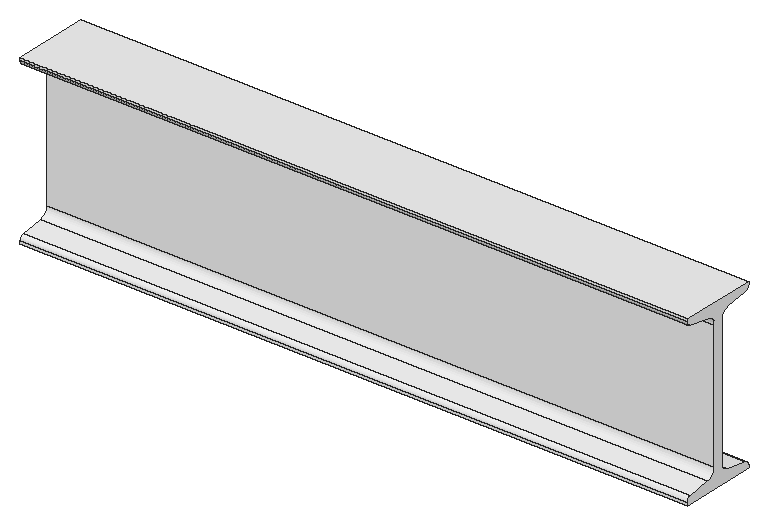
Revit family "22849f475b9e4424ac86b70bc6ba89a3", category Structural Framing, Revit 2021
Family settings
  Structural Framing Length Roundoff = 0' - 0"
  Section Shape = I-shape Sloped Flange
  Material for Model Behavior = Steel
  Always export as geometry = No
  Family Name Key = S Shapes
  Code Name = AISC 14.1
  OmniClass Number = 23.25.30.11.14.14
  OmniClass Title = Beams
  Seek Item ID = S Shapes-0000-USA-ENU
  Always vertical = Yes
  Cut with Voids When Loaded = No
  Symbolic Representation = From Project Settings
  Shared = No
  Show family pre-cut in plan views = Yes
Parameters (values of type "S12X50")
  Width = 0' - 5.48"
  Web Thickness = 0' - 0.687"
  Web Fillet = 0.65900"
  Warping Constant = 501.00 in⁶
  Torsional Moment of Inertia = 2.7700 in⁴
  Structural Material [instance] = Steel ASTM A572
  Sloped Flange Angle = 9.46234°
  Section Name Key = ""
  Section Area = 14.70 in²
  Plastic Modulus weak axis = 10.300 in³
  Plastic Modulus strong axis = 60.900 in³
  Nominal Weight = 50.00 lbf/ft
  Moment of Inertia weak axis = 15.6000 in⁴
  Moment of Inertia strong axis = 303.0000 in⁴
  Height = 1' - 0"
  Flange Thickness Location = 1.19825"
  Flange Thickness = 0.65900"
  Flange Fillet = 0.32950"
  Elastic Modulus weak axis = 5.690 in³
  Elastic Modulus strong axis = 50.600 in³
  Centroid Vertical = Height / 2  # 6.00000"
  Centroid Horizontal = Width / 2  # 2.74000"
  Bolt Spacing = 0' - 3"
  Assembly Code = "B10"
  Length [instance] = 5' - 0"
Types (3): name | Width | Web Thickness | Web Fillet | Warping Constant | Torsional Moment of Inertia | Section Area | Plastic Modulus weak axis | Plastic Modulus strong axis | Nominal Weight | Moment of Inertia weak axis | Moment of Inertia strong axis | Height | Flange Thickness Location | Flange Thickness | Flange Fillet | Elastic Modulus weak axis | Elastic Modulus strong axis | Centroid Vertical | Centroid Horizontal | Bolt Spacing
  (no name) | 0' - 5.48" | 0' - 0.687" | 0.65900" | 0.00016778 (stored number, unit not read) | 2.7700 in⁴ | 14.70 in² | 10.300 in³ | 60.900 in³ | 50.00 lbf/ft | 15.6000 in⁴ | 303.0000 in⁴ | 1' - 0" | 1.19825" | 0.65900" | 0.32950" | 5.690 in³ | 50.600 in³ | 6.00000" | 2.74000" | 0' - 3"
  S12X50 | 0' - 5.48" | 0' - 0.687" | 0.65900" | 501.00 in⁶ | 2.7700 in⁴ | 14.70 in² | 10.300 in³ | 60.900 in³ | 50.00 lbf/ft | 15.6000 in⁴ | 303.0000 in⁴ | 1' - 0" | 1.19825" | 0.65900" | 0.32950" | 5.690 in³ | 50.600 in³ | 6.00000" | 2.74000" | 0' - 3"
  S18X70 | 0' - 6 1/4" | 0' - 0.711" | 0.69100" | 1800.00 in⁶ | 4.1000 in⁴ | 20.50 in² | 14.300 in³ | 124.000 in³ | 70.00 lbf/ft | 24.0000 in⁴ | 923.0000 in⁴ | 1' - 6" | 1.38475" | 0.69100" | 0.34550" | 7.690 in³ | 103.000 in³ | 9.00000" | 3.12500" | 0' - 3 1/2"
Reference planes (in)
  plane 1 "Center (Front/Back)": y = 0
  plane 2: z = 0
  plane 3 "Center (Left/Right)": x = 0.1815
  plane 4 "Member Left": x = -23.8185
  plane 5 "Member Right": x = 24.1815
  plane 6: y = 2.74
  plane 7: y = -2.74
  plane 8 "Top": z = 6
  plane 9: z = -6
  plane 10 "Left": x = -29.8185
  plane 11 "Right": x = 30.1815
Forms (in)
  Sweep 1, solid, material "Steel ASTM A572" <- "Structural Material", detail levels fine
    path origin (0, 0, 0) x (1, 0, 0) y (0, 1, 0)
      loop
        line (24.1815, 0) -> (-23.8185, 0)
    profile "S-American Standard-Profile-Fine : S-American Standard-Profile-Fine" origin (0.1815, 0, 0) x (0, -1, 0) y (0, 0, 1)
      loop
        line (2.74, 5.81984) -> (2.74, 6) -> (-2.74, 6) -> (-2.74, 5.81984)
        arc (-2.74, 5.81984) -> (-2.66192, 5.60686) -> (-2.46467, 5.49482) r 0.3295
        line (-2.46467, 5.49482) -> (-1.54175, 5.341) -> (-0.89416, 5.23307)
        arc (-0.89416, 5.23307) -> (-0.49967, 5.009) -> (-0.3435, 4.58303) r 0.659
        line (-0.3435, 4.58303) -> (-0.3435, -4.58303)
        arc (-0.3435, -4.58303) -> (-0.49967, -5.009) -> (-0.89416, -5.23307) r 0.659
        line (-0.89416, -5.23307) -> (-1.54175, -5.341) -> (-2.46467, -5.49482)
        arc (-2.46467, -5.49482) -> (-2.66192, -5.60686) -> (-2.74, -5.81984) r 0.3295
        line (-2.74, -5.81984) -> (-2.74, -6) -> (2.74, -6) -> (2.74, -5.81984)
        arc (2.74, -5.81984) -> (2.66192, -5.60686) -> (2.46467, -5.49482) r 0.3295
        line (2.46467, -5.49482) -> (1.54175, -5.341) -> (0.89416, -5.23307)
        arc (0.89416, -5.23307) -> (0.49967, -5.009) -> (0.3435, -4.58303) r 0.659
        line (0.3435, -4.58303) -> (0.3435, 4.58303)
        arc (0.3435, 4.58303) -> (0.49967, 5.009) -> (0.89416, 5.23307) r 0.659
        line (0.89416, 5.23307) -> (1.54175, 5.341) -> (2.46467, 5.49482)
        arc (2.46467, 5.49482) -> (2.66192, 5.60686) -> (2.74, 5.81984) r 0.3295
  Sweep 2, solid, material "Steel ASTM A572" <- "Structural Material", detail levels medium
    path origin (0, 0, 0) x (1, 0, 0) y (0, 1, 0)
      loop
        line (24.1815, 0) -> (-23.8185, 0)
    profile "S-American Standard-Profile-Medium : S-American Standard-Profile-Medium" origin (0.1815, 0, 0) x (0, -1, 0) y (0, 0, 1)
      loop
        line (2.74, 5.54071) -> (2.74, 6) -> (-2.74, 6) -> (-2.74, 5.54071) -> (-1.54175, 5.341) -> (-0.3435, 5.14129) -> (-0.3435, -5.14129) -> (-1.54175, -5.341) -> (-2.74, -5.54071) -> (-2.74, -6) -> (2.74, -6) -> (2.74, -5.54071) -> (1.54175, -5.341) -> (0.3435, -5.14129) -> (0.3435, 5.14129) -> (1.54175, 5.341) -> (2.74, 5.54071)
Lines and regions (in)
  symbolic lines, style "Hidden Faces", detail levels medium+fine
    curve 1: line (24.1815, -0.3435, 0) -> (-23.8185, -0.3435, 0)
    curve 2: line (24.1815, 0.3435, 0) -> (-23.8185, 0.3435, 0)
  symbolic lines, style "Stick Symbols", detail levels coarse
    curve 3: line (0.1815, 2.74, 6) -> (0.1815, -2.74, 6)
    curve 4: line (0.1815, 0, 6) -> (0.1815, 0, -6)
    curve 5: line (0.1815, 2.74, -6) -> (0.1815, -2.74, -6)
Dimensions and locks (in)
  "Width": plane 6 to plane 7
  "Height": plane 9 to plane 8 "Top"
  equal spacing: plane 9, plane 2, plane 8 "Top"
  equal spacing: plane 6, plane 1 "Center (Front/Back)", plane 7
  "Length": plane 10 "Left" to plane 11 "Right"
  equal spacing: curve 2, plane 1 "Center (Front/Back)", curve 1
  "Web Thickness": curve 2 to curve 1
  aligned and locked: Sweep 1 sketch curve to plane 1 "Center (Front/Back)"
  aligned and locked: Sweep 2 sketch curve to plane 1 "Center (Front/Back)"
  aligned and locked: plane 4 "Member Left" to Sweep 2 sketch curve
  aligned and locked: plane 5 "Member Right" to Sweep 2 sketch curve
  aligned and locked: plane 4 "Member Left" to Sweep 1 sketch curve
  aligned and locked: plane 5 "Member Right" to Sweep 1 sketch curve
  aligned and locked: plane 4 "Member Left" to curve 2
  aligned and locked: plane 4 "Member Left" to curve 1
  aligned and locked: plane 5 "Member Right" to curve 2
  aligned and locked: plane 5 "Member Right" to curve 1
  aligned and locked: plane 6 to curve 5
  aligned and locked: plane 7 to curve 5
  aligned and locked: plane 9 to curve 5
  aligned and locked: curve 4 to plane 1 "Center (Front/Back)"
  aligned and locked: Sweep 2 to plane 8 "Top"
  aligned and locked: plane 8 "Top" to curve 3
  aligned and locked: plane 6 to curve 3
  aligned and locked: plane 7 to curve 3
  aligned and locked: plane 8 "Top" to curve 4
  aligned and locked: plane 9 to curve 4
